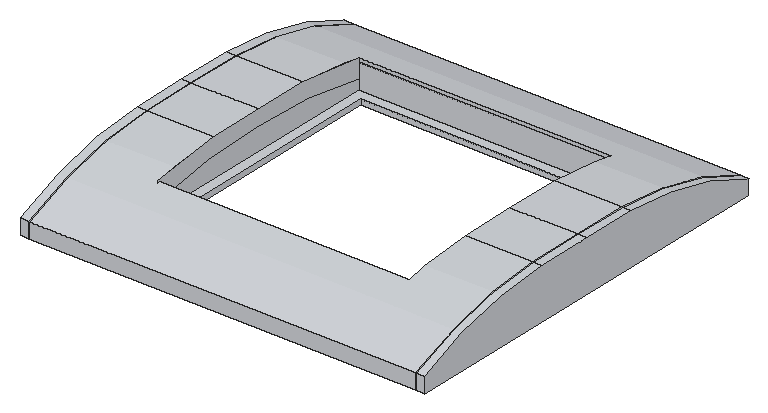
Revit family "Gira_021107", category Electrical Fixtures, host Face, Revit 2017
Family settings
  Host = Face
  Maintain Annotation Orientation = No
  Round Connector Dimension = Use Diameter
  Part Type = Normal
  Cut with Voids When Loaded = No
  Shared = No
  Room Calculation Point = No
Parameters (values of type "Abdeckrahmen 1f Zwischenr. AN Gira Event Reinweiß m")
  Werkstoffgüte = "Thermoplast"
  Werkstoff = "Kunststoff"
  URL = "http://katalog.gira.de/de_DE/datenblatt.html?artikelnr=021107"
  Transparent = "No"
  Textfeld/Beschriftungsfläche = "No"
  Schutzart (IP) = "IP20"
  Region = "DE"
  RAL-Nummer (ähnlich) = "9010 "
  Oberfläche = "sonstige"
  Name = "Abdeckrahmen 1f Zwischenr. AN Gira Event Reinweiß m"
  Montagerichtung = "horizontal und vertikal"
  Mit Montagerahmen = "No"
  Mit Klappdeckel = "No"
  Manufacturer URL = "https://www.gira.de/"
  Keynote = "Event_Rahmen_1fach"
  HeinzeBIM = "https://bimportal.heinze.de/bim/abdeckrahmen-1f-zwischenr-an-gira-event-reinweiss-m/704a7c22f738b9d9c31c6109cdb5915556e3b335"
  Halogenfrei = "Yes"
  HAN = "021107"
  Geeignet für Unterputz-Installation = "Yes"
  Geeignet für Unterflurkanaldose = "No"
  Geeignet für Geräteeinbaukanal = "No"
  Geeignet für Einbauinstallation = "No"
  GTIN = "4010337211075"
  Farbe = "weiß"
  Default Elevation = 1219.2 mm
  Data sheet (1) = "https://katalog.gira.de/de_DE/download.html?artikelnr=021107"
  Category = "Abdeckrahmen"
  Befestigungsart = "Klemmbefestigung"
  Available = "Yes"
  Ausführung der Oberfläche = "matt"
  Anzahl der Einheiten vertikal = "1 "
  Anzahl der Einheiten horizontal = "1 "
  Anzahl der Einheiten = "1 "
Reference planes
  plane 1 "Center (Front/Back)": y = 0
  plane 2: z = 0
  plane 3 "Center (Left/Right)": x = 0
Forms (mm)
  Extrusion 1, solid, detail levels fine
    sketch origin (0, 0, 1.55) x (0, 1, 0) y (0, 0, 1)
      loop
        arc (12.445, 9.683) -> (6.223, 9.833) -> (0, 9.85) r 291.636
        arc (0, 9.85) -> (-6.223, 9.833) -> (-12.445, 9.683) r 291.636
        arc (-12.445, 9.683) -> (-29.14, 7.482) -> (-45, 1.823) r 79.728
        line (-45, 1.823) -> (-45, -1.55) -> (-41.777, -1.55) -> (-41.777, -0.55)
        arc (-41.777, -0.55) -> (-21.205, 4.846) -> (0, 6.467) r 118.15
        arc (0, 6.467) -> (21.205, 4.846) -> (41.777, -0.55) r 118.15
        line (41.777, -0.55) -> (41.777, -1.55) -> (45, -1.55) -> (45, 1.823)
        arc (45, 1.823) -> (29.14, 7.482) -> (12.445, 9.683) r 79.728
    from -43 to 43
  Extrusion 2, void, detail levels fine
    sketch origin (0, 0, 0) x (1, 0, 0) y (0, 1, 0)
      loop
        line (-28, -28) -> (28, -28) -> (28, 28) -> (-28, 28) -> (-28, -28)
    from 2.85 to 12
  Extrusion 3, solid, detail levels coarse
    sketch origin (0, 0, 0) x (1, 0, 0) y (0, 1, 0)
      loop
        line (-45, 45) -> (-45, -45) -> (45, -45) -> (45, 45) -> (-45, 45)
    from 0 to 11.4
  Extrusion 4, solid, detail levels medium
    sketch origin (0, 0, 1.55) x (0, 1, 0) y (0, 0, 1)
      loop
        arc (12.445, 9.683) -> (6.223, 9.833) -> (0, 9.85) r 291.636
        arc (0, 9.85) -> (-6.223, 9.833) -> (-12.445, 9.683) r 291.636
        arc (-12.445, 9.683) -> (-29.14, 7.482) -> (-45, 1.823) r 79.728
        line (-45, 1.823) -> (-45, -1.55) -> (45, -1.55) -> (45, 1.823)
        arc (45, 1.823) -> (29.14, 7.482) -> (12.445, 9.683) r 79.728
    from -45 to 45
  Extrusion 5, solid, detail levels fine
    sketch origin (0, 0, 0) x (0, 1, 0) y (0, 0, 1)
      loop
        arc (45, 3.373) -> (29.14, 9.032) -> (12.445, 11.233) r 79.728
        arc (12.445, 11.233) -> (6.223, 11.383) -> (0, 11.4) r 291.636
        arc (0, 11.4) -> (-6.223, 11.383) -> (-12.445, 11.233) r 291.636
        arc (-12.445, 11.233) -> (-29.14, 9.032) -> (-45, 3.373) r 79.728
        line (-45, 3.373) -> (-45, 0) -> (45, 0) -> (45, 3.373)
    from 43 to 45
  Extrusion 6, solid, detail levels fine
    sketch origin (0, 0, 0) x (0, 1, 0) y (0, 0, -1)
      loop
        line (45, -3.373) -> (45, 0) -> (-45, 0) -> (-45, -3.373)
        arc (-45, -3.373) -> (-29.14, -9.032) -> (-12.445, -11.233) r 79.728
        arc (-12.445, -11.233) -> (-6.223, -11.383) -> (0, -11.4) r 291.636
        arc (0, -11.4) -> (6.223, -11.383) -> (12.445, -11.233) r 291.636
        arc (12.445, -11.233) -> (29.14, -9.032) -> (45, -3.373) r 79.728
    from 43 to 45
  Extrusion 7, solid, detail levels fine
    sketch origin (0, 0, 0) x (1, 0, 0) y (0, 1, 0)
      loop
        line (-25.7, 25.7) -> (-25.7, -25.7) -> (25.7, -25.7) -> (25.7, 25.7) -> (-25.7, 25.7)
      loop
        line (-29.495, 27.895) -> (-29.495, -27.895)
        spline (-29.495, -27.895) -> (-29.486, -28.025) -> (-29.461, -28.154) -> (-29.419, -28.278) -> (-29.361, -28.395) -> (-29.288, -28.504) -> (-29.202, -28.602) -> (-29.104, -28.688) -> (-28.995, -28.761) -> (-28.878, -28.819) -> (-28.754, -28.861) -> (-28.625, -28.886) -> (-28.495, -28.895)
        line (-28.495, -28.895) -> (28.495, -28.895)
        spline (28.495, -28.895) -> (28.625, -28.886) -> (28.754, -28.861) -> (28.878, -28.819) -> (28.995, -28.761) -> (29.104, -28.688) -> (29.202, -28.602) -> (29.288, -28.504) -> (29.361, -28.395) -> (29.419, -28.278) -> (29.461, -28.154) -> (29.486, -28.025) -> (29.495, -27.895)
        line (29.495, -27.895) -> (29.495, 27.895)
        spline (29.495, 27.895) -> (29.486, 28.025) -> (29.461, 28.154) -> (29.419, 28.278) -> (29.361, 28.395) -> (29.288, 28.504) -> (29.202, 28.602) -> (29.104, 28.688) -> (28.995, 28.761) -> (28.878, 28.819) -> (28.754, 28.861) -> (28.625, 28.886) -> (28.495, 28.895)
        line (28.495, 28.895) -> (-28.495, 28.895)
        spline (-28.495, 28.895) -> (-28.625, 28.886) -> (-28.754, 28.861) -> (-28.878, 28.819) -> (-28.995, 28.761) -> (-29.104, 28.688) -> (-29.202, 28.602) -> (-29.288, 28.504) -> (-29.361, 28.395) -> (-29.419, 28.278) -> (-29.461, 28.154) -> (-29.486, 28.025) -> (-29.495, 27.895)
    from 1.673 to 8.5
Cuts and joins
  Extrusion 2 cuts Extrusion 1
  Extrusion 2 cuts Extrusion 7
Dimensions and locks
  aligned and locked: plane 2 to host face
  aligned and locked: level to host face
